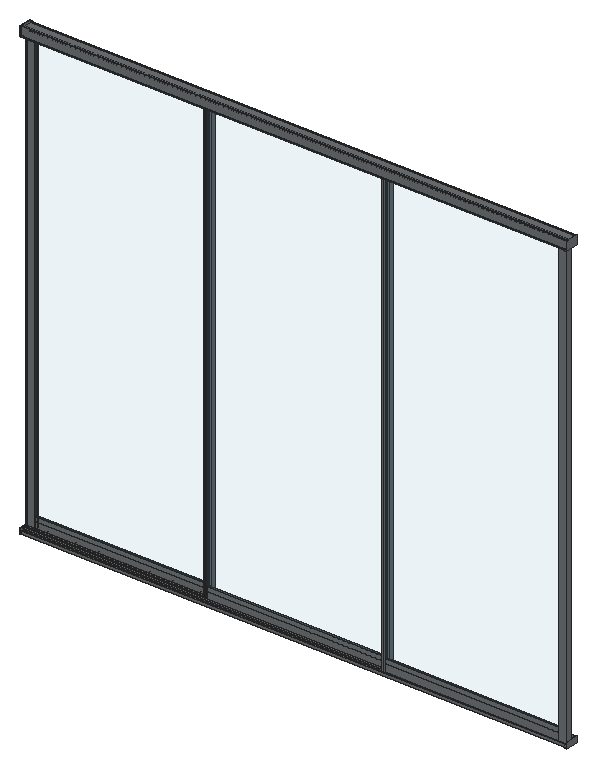
Revit family "Verano_V762_Talamanca_GM_R21", category Generic Models, Revit 2021 (continued)
Definition of nested family "Top Tracks"
  Automatic sketch dimensions
    Extrusion 3 sketch curve to level = 0 mm
    Extrusion 3 sketch curve to plane 1 "Center (Front/Back)" = 0 mm
    plane 1 "Center (Front/Back)" to Extrusion 3 sketch curve = 65.2 mm
    Extrusion 3 sketch curve to Extrusion 3 sketch curve = 0 mm
    Extrusion 3 sketch curve to level = 50 mm
    Extrusion 4 sketch curve to level = 0 mm  (x2)
    Extrusion 4 sketch curve to plane 1 "Center (Front/Back)" = 0 mm
    plane 1 "Center (Front/Back)" to Extrusion 4 sketch curve = 0.9 mm
    plane 1 "Center (Front/Back)" to Extrusion 4 sketch curve = 1.8 mm  (x2)
    Extrusion 4 sketch curve to Extrusion 4 sketch curve = 0 mm  (x28)
    Extrusion 4 sketch curve to Extrusion 4 sketch curve = 1.2 mm  (x19)
    Extrusion 4 sketch curve to Extrusion 4 sketch curve = 1.993 mm  (x3)
    Extrusion 4 sketch curve to Extrusion 4 sketch curve = 1.55 mm  (x4)
    Extrusion 4 sketch curve to Extrusion 4 sketch curve = 2.85 mm  (x2)
    Extrusion 4 sketch curve to Extrusion 4 sketch curve = 1.1 mm  (x45)
    Extrusion 4 sketch curve to Extrusion 4 sketch curve = 1.111 mm
    Extrusion 4 sketch curve to Extrusion 4 sketch curve = 14.5 mm  (x4)
    Extrusion 4 sketch curve to level = 8.8 mm  (x3)
    Extrusion 4 sketch curve to Extrusion 4 sketch curve = 18.657 mm  (x2)
    Extrusion 4 sketch curve to Extrusion 4 sketch curve = 1.7 mm  (x3)
    Extrusion 4 sketch curve to Extrusion 4 sketch curve = 0.6 mm  (x3)
    Extrusion 4 sketch curve to Extrusion 4 sketch curve = 1.8 mm  (x5)
    Extrusion 4 sketch curve to Extrusion 4 sketch curve = 16.7 mm  (x2)
    Extrusion 4 sketch curve to level = 31.231 mm  (x2)
    Extrusion 4 sketch curve to level = 37.6 mm
    Extrusion 4 sketch curve to level = 32.331 mm
    Extrusion 4 sketch curve to level = 38.7 mm
    Extrusion 4 sketch curve to Extrusion 4 sketch curve = 0.9 mm
    Extrusion 4 sketch curve to Extrusion 4 sketch curve = 29.9 mm
    Extrusion 4 sketch curve to Extrusion 4 sketch curve = 1.299 mm  (x2)
    Extrusion 4 sketch curve to Extrusion 4 sketch curve = 1.3 mm  (x19)
    Extrusion 4 sketch curve to Extrusion 4 sketch curve = 2.6 mm  (x7)
    Extrusion 4 sketch curve to Extrusion 4 sketch curve = 2.601 mm
    Extrusion 4 sketch curve to Extrusion 4 sketch curve = 4.1 mm  (x2)
    Extrusion 4 sketch curve to Extrusion 4 sketch curve = 1.29 mm
    Extrusion 4 sketch curve to Extrusion 4 sketch curve = 2.61 mm
    Extrusion 4 sketch curve to Extrusion 4 sketch curve = 5.269 mm
    Extrusion 4 sketch curve to Extrusion 4 sketch curve = 1.169 mm  (x6)
    Extrusion 4 sketch curve to Extrusion 4 sketch curve = 2.1 mm  (x2)
    Extrusion 4 sketch curve to level = 1.5 mm
    Extrusion 4 sketch curve to Extrusion 4 sketch curve = 1.5 mm
    Extrusion 4 sketch curve to level = 7 mm
    Extrusion 5 sketch curve to level = 0 mm
    Extrusion 5 sketch curve to plane 1 "Center (Front/Back)" = 0 mm
    Extrusion 5 sketch curve to Extrusion 5 sketch curve = 83.7 mm
    Extrusion 5 sketch curve to Extrusion 5 sketch curve = 0 mm
    Extrusion 5 sketch curve to level = 50 mm
    Extrusion 6 sketch curve to level = 0 mm
    Extrusion 6 sketch curve to plane 1 "Center (Front/Back)" = 0 mm
    Extrusion 6 sketch curve to Extrusion 6 sketch curve = 83.7 mm
    Extrusion 6 sketch curve to Extrusion 6 sketch curve = 0 mm
    Extrusion 6 sketch curve to level = 50 mm
    Extrusion 7 sketch curve to level = 0 mm
    Extrusion 7 sketch curve to plane 1 "Center (Front/Back)" = 0 mm
    plane 1 "Center (Front/Back)" to Extrusion 7 sketch curve = 0.9 mm
    plane 1 "Center (Front/Back)" to Extrusion 7 sketch curve = 1.8 mm  (x2)
    Extrusion 7 sketch curve to Extrusion 7 sketch curve = 0 mm  (x35)
    Extrusion 7 sketch curve to Extrusion 7 sketch curve = 1.2 mm  (x23)
    level to Extrusion 7 sketch curve = 0 mm
    Extrusion 7 sketch curve to Extrusion 7 sketch curve = 1.993 mm  (x2)
    Extrusion 7 sketch curve to Extrusion 7 sketch curve = 1.55 mm  (x4)
    Extrusion 7 sketch curve to Extrusion 7 sketch curve = 2.85 mm  (x2)
    Extrusion 7 sketch curve to Extrusion 7 sketch curve = 1.1 mm  (x55)
    Extrusion 7 sketch curve to Extrusion 7 sketch curve = 14.5 mm  (x5)
    Extrusion 7 sketch curve to Extrusion 7 sketch curve = 1.7 mm  (x4)
    Extrusion 7 sketch curve to Extrusion 7 sketch curve = 0.6 mm  (x7)
    Extrusion 7 sketch curve to Extrusion 7 sketch curve = 1.8 mm  (x7)
    Extrusion 7 sketch curve to Extrusion 7 sketch curve = 16.7 mm  (x3)
    Extrusion 7 sketch curve to level = 8.8 mm  (x5)
    Extrusion 7 sketch curve to level = 33.7 mm
    Extrusion 7 sketch curve to level = 36.313 mm
    Extrusion 7 sketch curve to level = 37.6 mm  (x2)
    Extrusion 7 sketch curve to level = 31.231 mm  (x2)
    Extrusion 7 sketch curve to level = 40 mm
    Extrusion 7 sketch curve to level = 45 mm
    Extrusion 7 sketch curve to level = 29.131 mm
    Extrusion 7 sketch curve to level = 1.5 mm  (x3)
    Extrusion 7 sketch curve to Extrusion 7 sketch curve = 18.657 mm
    Extrusion 7 sketch curve to level = 38.7 mm
    Extrusion 7 sketch curve to level = 49.1 mm  (x2)
    Extrusion 7 sketch curve to Extrusion 7 sketch curve = 0.9 mm
    Extrusion 7 sketch curve to Extrusion 7 sketch curve = 36.2 mm
    Extrusion 7 sketch curve to Extrusion 7 sketch curve = 5 mm
    Extrusion 7 sketch curve to Extrusion 7 sketch curve = 4.1 mm  (x2)
    Extrusion 7 sketch curve to Extrusion 7 sketch curve = 1.104 mm
    Extrusion 7 sketch curve to Extrusion 7 sketch curve = 1.3 mm  (x14)
    Extrusion 7 sketch curve to Extrusion 7 sketch curve = 1.296 mm
    Extrusion 7 sketch curve to Extrusion 7 sketch curve = 2.6 mm  (x5)
    Extrusion 7 sketch curve to Extrusion 7 sketch curve = 1.287 mm  (x3)
    Extrusion 7 sketch curve to Extrusion 7 sketch curve = 2.613 mm
    Extrusion 7 sketch curve to Extrusion 7 sketch curve = 2.623 mm  (x2)
    Extrusion 7 sketch curve to Extrusion 7 sketch curve = 1.29 mm  (x2)
    Extrusion 7 sketch curve to Extrusion 7 sketch curve = 5.269 mm
    Extrusion 7 sketch curve to Extrusion 7 sketch curve = 1.169 mm  (x7)
    Extrusion 7 sketch curve to Extrusion 7 sketch curve = 2.1 mm
    Extrusion 7 sketch curve to Extrusion 7 sketch curve = 7.3 mm
    Extrusion 8 sketch curve to level = 0 mm
    Extrusion 8 sketch curve to plane 1 "Center (Front/Back)" = 0 mm
    Extrusion 8 sketch curve to level = 50 mm
    plane 1 "Center (Front/Back)" to Extrusion 8 sketch curve = 102.2 mm
    Extrusion 8 sketch curve to Extrusion 8 sketch curve = 0 mm
    Extrusion 9 sketch curve to level = 0 mm
    Extrusion 9 sketch curve to plane 1 "Center (Front/Back)" = 0 mm
    Extrusion 9 sketch curve to level = 50 mm
    plane 1 "Center (Front/Back)" to Extrusion 9 sketch curve = 102.2 mm
    Extrusion 9 sketch curve to Extrusion 9 sketch curve = 0 mm
    Extrusion 10 sketch curve to level = 0 mm  (x2)
    Extrusion 10 sketch curve to plane 1 "Center (Front/Back)" = 0 mm
    plane 1 "Center (Front/Back)" to Extrusion 10 sketch curve = 0.9 mm
    plane 1 "Center (Front/Back)" to Extrusion 10 sketch curve = 1.8 mm  (x2)
    Extrusion 10 sketch curve to Extrusion 10 sketch curve = 0 mm  (x31)
    Extrusion 10 sketch curve to Extrusion 10 sketch curve = 1.193 mm  (x4)
    Extrusion 10 sketch curve to Extrusion 10 sketch curve = 2 mm
    Extrusion 10 sketch curve to Extrusion 10 sketch curve = 1.499 mm  (x2)
    Extrusion 10 sketch curve to Extrusion 10 sketch curve = 2.85 mm  (x2)
    Extrusion 10 sketch curve to Extrusion 10 sketch curve = 1.209 mm  (x2)
    Extrusion 10 sketch curve to Extrusion 10 sketch curve = 1.1 mm  (x52)
    Extrusion 10 sketch curve to Extrusion 10 sketch curve = 1.148 mm  (x2)
    Extrusion 10 sketch curve to Extrusion 10 sketch curve = 14.5 mm  (x6)
    Extrusion 10 sketch curve to Extrusion 10 sketch curve = 0.6 mm  (x9)
    Extrusion 10 sketch curve to Extrusion 10 sketch curve = 1.2 mm  (x20)
    Extrusion 10 sketch curve to Extrusion 10 sketch curve = 1.8 mm  (x6)
    Extrusion 10 sketch curve to Extrusion 10 sketch curve = 1.7 mm  (x4)
    Extrusion 10 sketch curve to level = 33.7 mm
    Extrusion 10 sketch curve to level = 36.3 mm  (x2)
    Extrusion 10 sketch curve to Extrusion 10 sketch curve = 16.7 mm  (x2)
    Extrusion 10 sketch curve to level = 38.7 mm  (x2)
    Extrusion 10 sketch curve to level = 32.4 mm
    Extrusion 10 sketch curve to level = 31.231 mm  (x2)
    Extrusion 10 sketch curve to Extrusion 10 sketch curve = 1.107 mm  (x2)
    Extrusion 10 sketch curve to level = 45 mm  (x2)
    Extrusion 10 sketch curve to level = 8.8 mm  (x3)
    Extrusion 10 sketch curve to level = 37.6 mm
    Extrusion 10 sketch curve to level = 40 mm
    Extrusion 10 sketch curve to level = 1.5 mm  (x2)
    Extrusion 10 sketch curve to Extrusion 10 sketch curve = 18.657 mm
    Extrusion 10 sketch curve to Extrusion 10 sketch curve = 1.55 mm  (x2)
    Extrusion 10 sketch curve to Extrusion 10 sketch curve = 1.993 mm
    Extrusion 10 sketch curve to level = 43.9 mm
    Extrusion 10 sketch curve to level = 49.1 mm  (x2)
    Extrusion 10 sketch curve to Extrusion 10 sketch curve = 0.9 mm
    Extrusion 10 sketch curve to Extrusion 10 sketch curve = 8.7 mm
    Extrusion 10 sketch curve to Extrusion 10 sketch curve = 6.3 mm
    Extrusion 10 sketch curve to Extrusion 10 sketch curve = 4.1 mm  (x2)
    Extrusion 10 sketch curve to Extrusion 10 sketch curve = 1.3 mm  (x22)
    Extrusion 10 sketch curve to Extrusion 10 sketch curve = 2.6 mm  (x8)
    Extrusion 10 sketch curve to Extrusion 10 sketch curve = 2.61 mm  (x2)
    Extrusion 10 sketch curve to Extrusion 10 sketch curve = 1.29 mm  (x2)
    Extrusion 10 sketch curve to Extrusion 10 sketch curve = 5.269 mm
    Extrusion 10 sketch curve to Extrusion 10 sketch curve = 1.169 mm  (x9)
    Extrusion 10 sketch curve to Extrusion 10 sketch curve = 2.1 mm  (x2)
    Extrusion 10 sketch curve to Extrusion 10 sketch curve = 1.799 mm
    Extrusion 11 sketch curve to level = 0 mm
    Extrusion 11 sketch curve to plane 1 "Center (Front/Back)" = 0 mm
    Extrusion 11 sketch curve to level = 50 mm
    plane 1 "Center (Front/Back)" to Extrusion 11 sketch curve = 120.7 mm
    Extrusion 11 sketch curve to Extrusion 11 sketch curve = 0 mm
    Extrusion 12 sketch curve to level = 0 mm
    Extrusion 12 sketch curve to plane 1 "Center (Front/Back)" = 0 mm
    Extrusion 12 sketch curve to level = 50 mm
    plane 1 "Center (Front/Back)" to Extrusion 12 sketch curve = 120.7 mm
    Extrusion 12 sketch curve to Extrusion 12 sketch curve = 0 mm
    Extrusion 1 sketch curve to Extrusion 1 sketch curve = 20.333 mm
Definition of nested family "Glass w Frame"
  Parameters (values of type "Right")
    Width = 1520.8 mm
    Vertical Profile Length = Height - Elevation - 50 mm  # 2930 mm
    Panel Material = none
    Height = 3000 mm
    Glass Width = 854.133 mm
    Glass Height = Height - 24 mm  # 2976 mm
    G3 = yes
    G2 = no
    G1 = no
    Frame Material = none
    Elevation = 20 mm
    Default Elevation = 0 mm
    Bottom Profile Length = Width - 5 mm  # 1515.8 mm
  Types (3, lengths in mm): name | Width | G3 | G2 | Bottom Profile Length
    Left | 1520.8 | yes | no | 1515.8
    Middle | 920.8 | no | yes | 915.8
    Right | 1520.8 | yes | no | 1515.8
  Reference planes
    plane 1 "Center (Front/Back)": y = 0
    plane 2: z = 0
    plane 3 "Center (Left/Right)": x = 0
    plane 4: x = -760.4
    plane 5: x = 760.4
    plane 6: x = -757.9
    plane 7: x = 757.9
    plane 8: z = 3000
    plane 9: z = 2976
  Forms (mm)
    Extrusion 1, solid, material <- "Panel Material"
      sketch origin (0, 0, 0) x (1, 0, 0) y (0, 1, 0)
        loop
          line (-757.9, 4) -> (-757.9, -4) -> (757.9, -4) -> (757.9, 4) -> (-757.9, 4)
      from 58.75 to 2976 <- "Glass Height"
  Dimensions and locks
    equal spacing: plane 4, plane 3 "Center (Left/Right)", plane 5
    "Width": plane 4 to plane 5
    locked: plane 7 to plane 5 at 2.5
    locked: plane 4 to plane 6 at 2.5
    "Height": plane 8 to level
    locked: plane 8 to plane 9 at 24
    nested 2 to plane 2 = 20.15 mm
    aligned and locked: level to plane 2
    aligned and locked: plane 3 "Center (Left/Right)" to nested 2
    aligned and locked: plane 4 to nested 3
    aligned and locked: nested 1 to plane 5
    aligned and locked: nested 4 to plane 5
    aligned and locked: nested 4 to plane 1 "Center (Front/Back)"
    aligned and locked: nested 5 to plane 4
    aligned and locked: plane 1 "Center (Front/Back)" to nested 5
    aligned and locked: nested 6 to plane 1 "Center (Front/Back)"
    aligned and locked: plane 5 to nested 6
    aligned and locked: plane 4 to nested 7
    aligned and locked: plane 1 "Center (Front/Back)" to nested 7
    aligned and locked: plane 6 to nested 7
    aligned and locked: nested 4 to plane 7
  Automatic sketch dimensions
    plane 1 "Center (Front/Back)" to Extrusion 1 sketch curve = 4 mm
    Extrusion 1 sketch curve to plane 1 "Center (Front/Back)" = 4 mm
    Extrusion 1 sketch curve to plane 6 = 0 mm
    Extrusion 1 sketch curve to plane 7 = 0 mm
  Nested families
    nested 1: "Profile 2" at (760.4, 0, 20) x (-1, 0, 0) z (0, 0, 1), built-in parameter 1001360 <- "Elevation", visible <- "G1", type "Profile 2"
    nested 2: "Profile 3" at (0, 0, 12), type "Profile 3"
    nested 3: "Profile 1" at (-760.4, 0, 20), visible <- "G1", built-in parameter 1001360 <- "Elevation", type "Profile 1"
    nested 4: "Profile 2" at (760.4, 0, 20) x (-1, 0, 0) z (0, 0, 1), built-in parameter 1001360 <- "Elevation", visible <- "G2", type "Profile 2"
    nested 5: "Profile 2" at (-760.4, 0, 20), built-in parameter 1001360 <- "Elevation", visible <- "G2", type "Profile 2"
    nested 6: "Profile 1" at (760.4, 0, 20) x (-1, 0, 0) z (0, 0, 1), visible <- "G3", built-in parameter 1001360 <- "Elevation", type "Profile 1"
    nested 7: "Profile 2" at (-760.4, 0, 20), visible <- "G3", built-in parameter 1001360 <- "Elevation", type "Profile 2"
  Definition of nested family "Profile 2"
    Parameters (values of type "Profile 2")
      Right = no
      Length = 2930 mm
      Left = yes
      Frame Material = none
      Default Elevation = 0 mm
    Reference planes
      plane 1 "Center (Front/Back)": y = 0
      plane 2: z = 0
      plane 3 "Center (Left/Right)": x = 0
    Forms (mm)
      Extrusion 1, solid, material <- "Frame Material"
        sketch origin (0, 0, 0) x (1, 0, 0) y (0, 1, 0)
          loop
            line (14, 10.213) -> (0, 10.213) -> (0, -10.187) -> (14, -10.187) -> (14, -7.487) -> (2.6, -7.487) -> (2.6, 7.513) -> (14, 7.513) -> (14, 10.213)
        from 0 to 2930 <- "Length"
    Dimensions and locks
      aligned and locked: level to plane 2
  Definition of nested family "Profile 3"
    Parameters (values of type "Profile 3")
      Length = 1515.8 mm
      Frame Material = none
      Default Elevation = 0 mm
    Reference planes
      plane 1 "Center (Front/Back)": y = 0
      plane 2: z = 0
      plane 3 "Center (Left/Right)": x = 0
      plane 4: x = 757.9
      plane 5: x = -757.9
    Forms (mm)
      Extrusion 1, solid, material <- "Frame Material"
        sketch origin (0, 0, 0) x (0, 1, 0) y (0, 0, 1)
          loop
            line (-7.5, 8.15) -> (-6.1, 8.15) -> (-6.1, 45.25) -> (6.1, 45.25) -> (6.1, 8.15) -> (7.5, 8.15) -> (7.5, 45.85) -> (6.175, 69.55) -> (5.3, 69.55) -> (5.3, 46.75) -> (-5.3, 46.75) -> (-5.3, 69.55) -> (-6.175, 69.55) -> (-7.5, 45.85) -> (-7.5, 8.15)
        from -757.9 to 757.9
    Dimensions and locks
      equal spacing: plane 5, plane 3 "Center (Left/Right)", plane 4
      "Length": plane 5 to plane 4
      aligned and locked: level to plane 2
      aligned and locked: Extrusion 1 to plane 5
      aligned and locked: plane 4 to Extrusion 1
    Automatic sketch dimensions
      plane 1 "Center (Front/Back)" to Extrusion 1 sketch curve = 7.5 mm
      plane 1 "Center (Front/Back)" to Extrusion 1 sketch curve = 6.175 mm
      Extrusion 1 sketch curve to Extrusion 1 sketch curve = 1.4 mm  (x2)
      Extrusion 1 sketch curve to Extrusion 1 sketch curve = 0.875 mm  (x2)
      Extrusion 1 sketch curve to plane 1 "Center (Front/Back)" = 5.3 mm
      Extrusion 1 sketch curve to plane 1 "Center (Front/Back)" = 6.1 mm
      level to Extrusion 1 sketch curve = 8.15 mm  (x2)
      Extrusion 1 sketch curve to Extrusion 1 sketch curve = 37.1 mm
      Extrusion 1 sketch curve to Extrusion 1 sketch curve = 0.6 mm  (x2)
      Extrusion 1 sketch curve to Extrusion 1 sketch curve = 1.5 mm
      Extrusion 1 sketch curve to Extrusion 1 sketch curve = 22.8 mm
      Extrusion 1 sketch curve to Extrusion 1 sketch curve = 0 mm
  Definition of nested family "Profile 1"
    Parameters (values of type "Profile 1")
      Right = yes
      Length = 2930 mm
      Left = no
      Frame Material = none
      Default Elevation = 0 mm
    Reference planes
      plane 1 "Center (Front/Back)": y = 0
      plane 2: z = 0
      plane 3 "Center (Left/Right)": x = 0
    Forms (mm)
      Extrusion 1, solid, material <- "Frame Material"
        sketch origin (0, 0, 0) x (1, 0, 0) y (0, 1, 0)
          loop
            line (0, 12.365) -> (0, -12.235) -> (45.556, -12.235)
            arc (45.556, -12.235) -> (46.522, -11.493) -> (46.056, -10.369) r 1
            line (46.056, -10.369) -> (43.399, -8.835) -> (37.024, -8.835) -> (37.024, -10.435) -> (1.5, -10.435) -> (1.5, 10.565) -> (37.024, 10.565) -> (37.024, 8.965) -> (43.399, 8.965) -> (46.056, 10.499)
            arc (46.056, 10.499) -> (46.522, 11.624) -> (45.556, 12.365) r 1
            line (45.556, 12.365) -> (0, 12.365)
        from 0 to 2930 <- "Length"
    Dimensions and locks
      aligned and locked: level to plane 2
Types (4, lengths in mm): name | Width | TRACKS | Segment Width Calc | Overall Width Constraint | Width Input | Opening Maximum | Offset 6 | Offset 5 | Offset 4 | Offset 3 | Offset 2 | Minimal Width | Maximal Width | 6 Track | 5 Track | 4 Track | 3rd | 3 Track
  3 Track | 3000 | 3 | 1020 | 3000 | 3000 | 1980 | 4950 | 3960 | 2970 | 1980 | 990 | 2000 | 3250 | no | no | no | no | yes
  4 Track | 4000 | 4 | 1022.5 | 4000 | 4000 | 2977.5 | 4962.5 | 3970 | 2977.5 | 1985 | 992.5 | 3000 | 4500 | no | no | yes | yes | no
  5 Track | 5000 | 5 | 1024 | 5000 | 5000 | 3976 | 4970 | 3976 | 2982 | 1988 | 994 | 4000 | 5500 | no | yes | no | yes | no
  6 Track | 6000 | 6 | 1025 | 6000 | 6000 | 4975 | 4975 | 3980 | 2985 | 1990 | 995 | 4500 | 6000 | yes | no | no | yes | no
